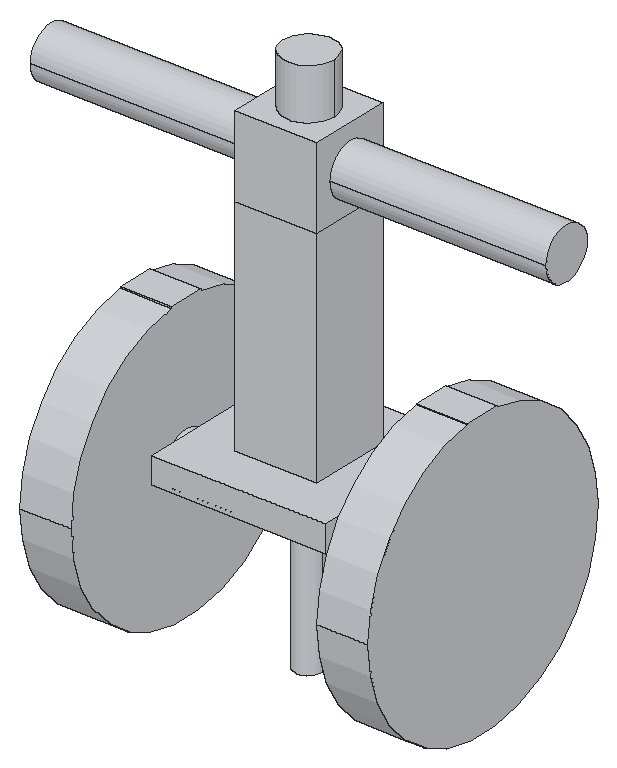
Revit family "M_Válvula macho - Alavanca de mão - 15-100 mm", category Acessórios do tubo, Revit 2019
Family settings
  Cota do conector redondo = Usar raio
  Tipo de parte = Válvula - Quebra entre
  Número OmniClass = 23.65.55.14.17
  Título OmniClass = Adjusting/Controlling Valves for Liquid Services
  ID de item do Seek = Plug Valve - Lever Handle - 15-100 mm-0000-CAN-ENU
  Com base no plano de trabalho = Não
  Sempre na vertical = Sim
  Corte com vazios quando carregada = Não
  Compartilhado = Não
Parameters (values of type "15 mm")
  Largura 1 = 1.5 * Raio nominal  # 11.25 mm
  Material da válvula = none
  Comprimento da válvula = 108 mm
  Raio 2 = 0.25 * Comprimento 2  # 15.575 mm
  Raio 1 = 0.5 * Diâmetro 1  # 4.5 mm
  Raio externo = 0.5 * Diâmetro externo  # 8.25 mm
  Diâmetro externo = Raio nominal * 2.2  # 16.5 mm
  Altura aberta = 127 mm
  Raio nominal = 7.5 mm
  Diâmetro nominal = Raio nominal * 2  # 15 mm
  Comprimento da alavanca = 160 mm
  Comprimento 2 = 62.3 mm
  Comprimento 1 = 1 / 2 * Comprimento da válvula  # 54 mm
  K Coefficient = 0.33
  Altura 3 = 0.55 * Diâmetro nominal  # 8.25 mm
  Altura 2 = 1.1 * Diâmetro nominal  # 16.5 mm
  Altura 1 = 44.5 mm
  Raio da flange = 0.5 * Diâmetro da flange  # 44.5 mm
  Diâmetro da flange = 89 mm
  Diâmetro 1 = 0.6 * Diâmetro nominal  # 9 mm
Types (9, lengths in mm): name | Largura 1 | Comprimento da válvula | Raio 2 | Raio 1 | Raio externo | Diâmetro externo | Altura aberta | Raio nominal | Diâmetro nominal | Comprimento da alavanca | Comprimento 2 | Comprimento 1 | K Coefficient | Altura 3 | Altura 2 | Altura 1 | Raio da flange | Diâmetro da flange | Diâmetro 1
  (no name) | 11.25 | 108 | 15.575 | 4.5 | 8.25 | 16.5 | 127 | 7.5 | 15 | 160 | 62.3 | 54 | 0.33 | 8.25 | 16.5 | 44.5 | 44.5 | 89 | 9
  15 mm | 11.25 | 108 | 15.575 | 4.5 | 8.25 | 16.5 | 127 | 7.5 | 15 | 160 | 62.3 | 54 | 0.33 | 8.25 | 16.5 | 44.5 | 44.5 | 89 | 9
  20 mm | 15 | 115 | 16.95 | 6 | 11 | 22 | 125 | 10 | 20 | 160 | 67.8 | 57.5 | 1.67 | 11 | 22 | 49.3 | 49 | 98 | 12
  25 mm | 18.75 | 140 | 20.175 | 7.5 | 13.75 | 27.5 | 97 | 12.5 | 25 | 220 | 80.7 | 70 | 0.69 | 13.75 | 27.5 | 54 | 54 | 108 | 15
  40 mm | 30 | 165 | 23.825 | 12 | 22 | 44 | 115 | 20 | 40 | 315 | 95.3 | 82.5 | 0.27 | 22 | 44 | 63.5 | 63.5 | 127 | 24
  50 mm | 37.5 | 175 | 25.675 | 15 | 27.5 | 55 | 130 | 25 | 50 | 460 | 102.7 | 87.5 | 0.27 | 27.5 | 55 | 76.2 | 76.2 | 152.4 | 30
  65 mm | 48.75 | 200 | 29.325 | 19.5 | 35.75 | 71.5 | 145 | 32.5 | 65 | 610 | 117.3 | 100 | 0.44 | 35.75 | 71.5 | 88.9 | 87.5 | 175 | 39
  80 mm | 60 | 200 | 29.325 | 24 | 44 | 88 | 145 | 40 | 80 | 610 | 117.3 | 100 | 1.07 | 44 | 88 | 95.3 | 95 | 190 | 48
  100 mm | 75 | 225 | 33 | 30 | 55 | 110 | 180 | 50 | 100 | 760 | 132 | 112.5 | 1.07 | 55 | 110 | 114.3 | 112.5 | 225 | 60
Reference planes
  plane 1 "Centro (Frente/Trás)": y = 0
  plane 2: z = 0
  plane 3 "Centro (Esquerda/Direita)": x = 0
  plane 4: x = 54
  plane 5: x = -54
  plane 6: x = -38.125
  plane 7: x = 38.125
  plane 8: x = -27
  plane 9: x = 27
  plane 10: y = -27
  plane 11: y = 27
  plane 12: z = 16.5
  plane 13: z = 8.25
  plane 14: z = -44.5
  plane 15: y = 5.625
  plane 16: y = -5.625
  plane 17: z = 44.5
  plane 18: z = 127
  plane 19: z = 111.125
  plane 20: z = 85.725
  plane 21: x = 12.7
  plane 22: x = -12.7
  plane 23: y = -12.7
  plane 24: y = 12.7
  plane 25: z = 98.425
  plane 26: x = 80
  plane 27: x = -80
  plane 28: y = 31.15
  plane 29: y = -31.15
Forms (mm)
  Extrusion 1, solid, material <- "Material da válvula", detail levels fine
    sketch origin (0, 0, 0) x (0, 1, 0) y (0, 0, 1)
      loop
        circle (0, 0) r 44.5
    from -54 to -38.125
  Extrusion 2, solid, material <- "Material da válvula", detail levels fine
    sketch origin (0, 0, 0) x (0, 1, 0) y (0, 0, -1)
      loop
        circle (0, 0) r 44.5
    from -54 to -38.125
  Extrusion 3, solid, material <- "Material da válvula", detail levels fine
    sketch origin (0, 0, 0) x (0, 1, 0) y (0, 0, 1)
      loop
        circle (0, 0) r 8.25
    from -38.125 to 38.125
  Extrusion 4, solid, material <- "Material da válvula", detail levels fine
    sketch origin (0, 0, 0) x (1, 0, 0) y (0, 1, 0)
      loop
        line (-27, 27) -> (-27, -27) -> (27, -27) -> (27, 27) -> (-27, 27)
    from 8.25 to 16.5
  Extrusion 5, solid, material <- "Material da válvula", detail levels fine
    sketch origin (0, 0, 0) x (1, 0, 0) y (0, 1, 0)
      loop
        circle (0, 0) r 4.5
    from -44.5 to 0
  Extrusion 6, solid, material <- "Material da válvula", detail levels fine
    sketch origin (0, 0, 0) x (1, 0, 0) y (0, 1, 0)
      loop
        line (-54, 5.625) -> (-54, -5.625) -> (-38.125, -5.625) -> (-38.125, 5.625) -> (-54, 5.625)
    from 0 to 44.5
  Extrusion 7, solid, material <- "Material da válvula", detail levels fine
    sketch origin (0, 0, 0) x (-1, 0, 0) y (0, -1, 0)
      loop
        line (-54, -5.625) -> (-38.125, -5.625) -> (-38.125, 5.625) -> (-54, 5.625) -> (-54, -5.625)
    from 0 to 44.5
  Extrusion 8, solid, material <- "Material da válvula", detail levels fine
    sketch origin (0, 0, 0) x (1, 0, 0) y (0, 1, 0)
      loop
        circle (0, 0) r 7.938
    from 111.125 to 127
  Extrusion 9, solid, material <- "Material da válvula", detail levels fine
    sketch origin (0, 0, 0) x (1, 0, 0) y (0, 1, 0)
      loop
        line (-12.7, 12.7) -> (-12.7, -12.7) -> (12.7, -12.7) -> (12.7, 12.7) -> (-12.7, 12.7)
    from 85.725 to 111.125
  Extrusion 10, solid, material <- "Material da válvula", detail levels fine
    sketch origin (0, 0, 0) x (1, 0, 0) y (0, 1, 0)
      loop
        line (-12.7, 12.7) -> (-12.7, -12.7) -> (12.7, -12.7) -> (12.7, 12.7) -> (-12.7, 12.7)
    from 16.5 to 85.725
  Extrusion 11, solid, material <- "Material da válvula", detail levels fine
    sketch origin (0, 0, 0) x (0, 1, 0) y (0, 0, 1)
      loop
        circle (0, 98.425) r 7.938
    from -80 to 80
Cuts and joins
  joined: Extrusion 8, Extrusion 9
  joined: Extrusion 1, Extrusion 2, Extrusion 3, Extrusion 4, Extrusion 5, Extrusion 6, Extrusion 7, Extrusion 10
Lines and regions (mm)
  model lines, detail levels coarse+medium
    curve 1: line (-54, 31.258, 0) -> (54, -31.15, 0)
    curve 2: line (54, 31.15, 0) -> (-54, -31.15, 0)
    curve 3: line (-54, 31.258, 0) -> (-54, -31.15, 0)
    curve 4: line (54, 31.15, 0) -> (54, -31.15, 0)
    curve 5: circle (0, 0, 0) r 15.575 normal (0, 0, 1)
Dimensions and locks
  equal spacing: plane 5, plane 3 "Centro (Esquerda/Direita)", plane 4
  "Comprimento da válvula": plane 5 to plane 4
  locked: plane 5 to plane 6 at 15.875
  locked: plane 7 to plane 4 at 15.875
  equal spacing: plane 8, plane 3 "Centro (Esquerda/Direita)", plane 9
  "Comprimento 1": plane 8 to plane 9
  equal spacing: plane 10, plane 1 "Centro (Frente/Trás)", plane 11
  "Comprimento 1": plane 11 to plane 10
  "Altura 2": plane 12 to plane 2
  "Altura 3": plane 12 to plane 13
  "Raio da flange": plane 2 to plane 14
  equal spacing: plane 15, plane 1 "Centro (Frente/Trás)", plane 16
  "Largura 1": plane 15 to plane 16
  "Altura 1": plane 17 to plane 2
  "Altura aberta": plane 18 to plane 2
  locked: plane 18 to plane 19 at 15.875
  locked: plane 19 to plane 20 at 25.4
  equal spacing: plane 24, plane 1 "Centro (Frente/Trás)", plane 23
  locked: plane 24 to plane 23 at 25.4
  equal spacing: plane 22, plane 3 "Centro (Esquerda/Direita)", plane 21
  locked: plane 22 to plane 21 at 25.4
  locked: plane 19 to plane 25 at 12.7
  equal spacing: plane 27, plane 3 "Centro (Esquerda/Direita)", plane 26
  "Comprimento da alavanca": plane 27 to plane 26
  equal spacing: plane 28, plane 1 "Centro (Frente/Trás)", plane 29
  "Comprimento 2": plane 28 to plane 29
  "Raio da flange": radius of Extrusion 1 sketch curve
  "Raio da flange": radius of Extrusion 2 sketch curve
  "Raio externo": radius of Extrusion 3 sketch curve
  "Raio 1": radius of Extrusion 5 sketch curve
  radius of Extrusion 8 sketch curve = 7.938 mm
  radius of Extrusion 11 sketch curve = 7.938 mm
  "Raio 2": radius of curve 5
  locked: curve 1 to curve 2 (angle 60.00°)
  aligned and locked: plane 1 "Centro (Frente/Trás)" to Extrusion 1 sketch curve
  aligned and locked: plane 2 to Extrusion 1 sketch curve
  aligned and locked: plane 5 to Extrusion 1
  aligned and locked: Extrusion 1 to plane 6
  aligned and locked: plane 1 "Centro (Frente/Trás)" to Extrusion 2 sketch curve
  aligned and locked: plane 2 to Extrusion 2 sketch curve
  aligned and locked: plane 4 to Extrusion 2
  aligned and locked: Extrusion 2 to plane 7
  aligned and locked: plane 1 "Centro (Frente/Trás)" to Extrusion 3 sketch curve
  aligned and locked: plane 2 to Extrusion 3 sketch curve
  aligned and locked: plane 6 to Extrusion 3
  aligned and locked: plane 7 to Extrusion 3
  aligned and locked: plane 8 to Extrusion 4 sketch curve
  aligned and locked: Extrusion 4 sketch curve to plane 11
  aligned and locked: plane 10 to Extrusion 4 sketch curve
  aligned and locked: plane 9 to Extrusion 4 sketch curve
  aligned and locked: plane 12 to Extrusion 4
  aligned and locked: Extrusion 4 to plane 13
  aligned and locked: plane 3 "Centro (Esquerda/Direita)" to Extrusion 5 sketch curve
  aligned and locked: plane 1 "Centro (Frente/Trás)" to Extrusion 5 sketch curve
  aligned and locked: Extrusion 5 to plane 14
  aligned and locked: plane 2 to Extrusion 5
  aligned and locked: plane 5 to Extrusion 6 sketch curve
  aligned and locked: Extrusion 6 sketch curve to plane 15
  aligned and locked: plane 16 to Extrusion 6 sketch curve
  aligned and locked: plane 6 to Extrusion 6 sketch curve
  aligned and locked: plane 17 to Extrusion 6
  aligned and locked: Extrusion 6 to plane 2
  aligned and locked: plane 15 to Extrusion 7
  aligned and locked: plane 4 to Extrusion 7
  aligned and locked: plane 16 to Extrusion 7
  aligned and locked: Extrusion 7 to plane 7
  aligned and locked: plane 17 to Extrusion 7
  aligned and locked: Extrusion 7 to plane 2
  aligned and locked: plane 3 "Centro (Esquerda/Direita)" to Extrusion 8 sketch curve
  aligned and locked: plane 1 "Centro (Frente/Trás)" to Extrusion 8 sketch curve
  aligned and locked: plane 18 to Extrusion 8
  aligned and locked: Extrusion 8 to plane 19
  aligned and locked: plane 22 to Extrusion 9 sketch curve
  aligned and locked: Extrusion 9 sketch curve to plane 24
  aligned and locked: plane 23 to Extrusion 9 sketch curve
  aligned and locked: Extrusion 9 sketch curve to plane 21
  aligned and locked: plane 19 to Extrusion 9
  aligned and locked: Extrusion 9 to plane 20
  aligned and locked: Extrusion 10 sketch curve to Extrusion 9  (x3)
  aligned and locked: Extrusion 9 to Extrusion 10 sketch curve
  aligned and locked: plane 20 to Extrusion 10
  aligned and locked: Extrusion 10 to plane 12
  aligned and locked: plane 1 "Centro (Frente/Trás)" to Extrusion 11 sketch curve
  aligned and locked: plane 25 to Extrusion 11 sketch curve
  aligned and locked: plane 27 to Extrusion 11
  aligned and locked: plane 26 to Extrusion 11
  aligned and locked: plane 5 to curve 3
  aligned and locked: curve 4 to plane 4
  aligned and locked: plane 3 "Centro (Esquerda/Direita)" to curve 5
  aligned and locked: plane 1 "Centro (Frente/Trás)" to curve 5
Automatic sketch dimensions
  Extrusion 7 sketch curve to plane 4 = 0 mm
  Extrusion 7 sketch curve to plane 7 = 0 mm
  Extrusion 7 sketch curve to plane 16 = 0 mm
  Extrusion 7 sketch curve to plane 15 = 0 mm
  curve 1 to plane 29 = 0 mm
  curve 2 to plane 29 = 0 mm
  curve 4 to plane 28 = 0 mm
Connectors
  piping at (-54, 0, 0), diameter 15, driven by "Raio nominal"
    settings: on Extrusion 1, index 1, connector inside diameter 15 mm, connector length 0 mm, flow factor 0, pipe flow 0.0 L/s, pressure drop 0.0 Pa, fitting loss kfactor 0, connector angle 0.00°, fixture units 0, engagement length 0 mm, angle of deflection 0.00°, flow configuration 0, flow direction 0, fitting loss method 2, system type 29, joint type 0, gender type 0, connector reference index 2, connector utility 0, adjustable connector no, is connector primary yes, connector description ""
  piping at (54, 0, 0), diameter 15, driven by "K Coefficient", driven by "Raio nominal"
    settings: on Extrusion 2, index 2, connector inside diameter 15 mm, connector length 0 mm, flow factor 0, pipe flow 0.0 L/s, pressure drop 0.0 Pa, fitting loss kfactor 0.33, connector angle 0.00°, fixture units 0, engagement length 0 mm, angle of deflection 0.00°, flow configuration 0, flow direction 0, fitting loss method 2, system type 29, joint type 0, gender type 0, connector reference index 1, connector utility 0, adjustable connector no, is connector primary no, connector description ""
